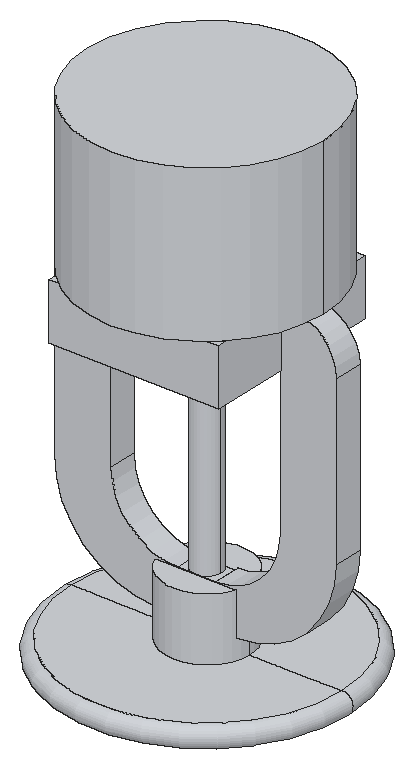
Revit family
Parameters (values of type "RASCO F1FR-300 PENDENT")
  Temperature Rating = 155 °F
  Response = 1
  RASCO SIN # = "R5612"
  RASCO Part # = "F1FRP1LW3"
  Pressure Rating = "300 PSI"
  Pressure Class = 1
  Orifice Size = 17/32"
  Orifice = (empty or 0)
  Model = "F1FR-300"
  Manufacturer = "RASCO"
  K-Factor = 8
  Description = "White Finish"
  Coverage = (empty or 0)
Reference planes (in)
  plane 1 "Center (Front/Back)": y = 0
  plane 2: z = 0
  plane 3 "Center (Left/Right)": x = 0
Dimensions and locks (in)
  aligned and locked: plane 2 to level
Nested families (in)
  nested 1: "F1FRP1LW3" at (-0.01148, 0, 2.4375) x (-1, 0, 0) z (0, 0, -1), type "RASCO F1FR-300 PENDENT"
Connectors (in)
  piping at (-0.01148, 0, 2.4375)
    settings: on nested 1, index 1, connector radius 1/2", flow factor 0, pipe flow 0 GPM, pressure drop 0.00 psi, fitting loss kfactor 0, connector angle 0.00°, fixture units 0, flow configuration 0, flow direction 0, fitting loss method 0, system type 7, connector reference index -1, connector utility 0, adjustable connector no, is connector primary yes, fitting loss table "", connector description ""
Definition of nested family "F1FRP1LW3"
  Parameters (values of type "RASCO F1FR-300 PENDENT")
    Type Comments = ""
    Temperature Rating = 0 °F
    Response = (empty or 0)
    Pressure Rating = "00"
    Pressure Class = (empty or 0)
    Orifice Size = 0"
    Orifice = (empty or 0)
    Model = ""
    Manufacturer = ""
    K-Factor = 0
    Description = ""
    Coverage = (empty or 0)
    Assembly Code = ""
  Reference planes (in)
    plane 1 "Center (Front/Back)": y = 0
    plane 2: z = 0
    plane 3 "ref.2": z = 0.6875
    plane 4 "ref.3": z = 0.9375
    plane 5: x = -0.38065
    plane 6: x = 0.36935
    plane 7 "ref. side 1": y = 0.06402
    plane 8 "ref. side 2": y = -0.06098
    plane 9 "ref.4": z = 1.875
    plane 10 "ref.5": z = 2.3125
    plane 11 "ref.6": z = 2.4375
  Forms (in)
    Extrusion 1, solid
      sketch origin (0, 0, 0) x (1, 0, 0) y (0, 1, 0)
        loop
          circle (0, 0) r 0.5221
      from 0 to 0.6875
    Extrusion 2, solid
      sketch origin (-0.12185, 0.05177, 0.6875) x (1, 0, 0) y (0, 1, 0)
        loop
          line (-0.2588, 0.356) -> (-0.2588, -0.4565) -> (0.4912, -0.4565) -> (0.4912, 0.356) -> (-0.2588, 0.356)
      from 0 to 0.25
    Extrusion 3, solid
      sketch origin (0, 0, 0) x (1, 0, 0) y (0, 0, 1)
        loop
          line (-0.38065, 0.69674) -> (-0.38065, 1.58397)
          arc (-0.38065, 1.58397) -> (-0.29541, 1.78976) -> (-0.08962, 1.875) r 0.29103
          line (-0.08962, 1.875) -> (0.07524, 1.875)
          arc (0.07524, 1.875) -> (0.28321, 1.78886) -> (0.36935, 1.58089) r 0.29411
          line (0.36935, 1.58089) -> (0.36935, 0.69728)
          arc (0.36935, 0.69728) -> (0.54046, 0.72329) -> (0.61935, 0.87734) r 0.18984
          line (0.61935, 0.87734) -> (0.61935, 1.61676)
          arc (0.61935, 1.61676) -> (0.48879, 1.93194) -> (0.17361, 2.0625) r 0.44574
          line (0.17361, 2.0625) -> (-0.18509, 2.0625)
          arc (-0.18509, 2.0625) -> (-0.50015, 1.932) -> (-0.63065, 1.61694) r 0.44556
          line (-0.63065, 1.61694) -> (-0.63065, 0.87876)
          arc (-0.63065, 0.87876) -> (-0.55196, 0.72414) -> (-0.38065, 0.69674) r 0.19126
      from -0.06402 to 0.06098
    Extrusion 4, solid
      sketch origin (0, 0, 0.9375) x (-1, 0, 0) y (0, -1, 0)
        loop
          circle (0.00574, -0.00152) r 0.0625
      from 0 to 0.9375
    Extrusion 5, solid
      sketch origin (0, 0, 1.875) x (-1, 0, 0) y (0, -1, 0)
        loop
          circle (0.00574, -0.00152) r 0.1875
      from 0 to 0.4375
    Revolve 6, solid
      sketch origin (0, 0, -0.2777) x (1, 0, 0) y (0, 0, 1)
        loop
          line (-0.19324, 2.43226) -> (-0.19324, 2.52696) -> (-0.60469, 2.52696)
          arc (-0.60469, 2.52696) -> (-0.65204, 2.47961) -> (-0.60469, 2.43226) r 0.04735
          line (-0.60469, 2.43226) -> (-0.19324, 2.43226)
        axis (-0.00574, 2.43226) -> (-0.00574, 2.52696)
      angle from 0 to 360
  Cuts and joins
    joined: Extrusion 1, Extrusion 2, Extrusion 4, Revolve 6
  Lines and regions (in)
    model lines
      curve 1: line (-0.00574, 0.06402, 1.875) -> (-0.00574, -0.06098, 1.875)
  Dimensions and locks (in)
    Extrusion 3 to Extrusion 3 = 0' - 1 1/4"
    Extrusion 5 to cut or joined group of Extrusion 1, Extrusion 2, Extrusion 4, Revolve 6 = 0' - 2 5/16"
